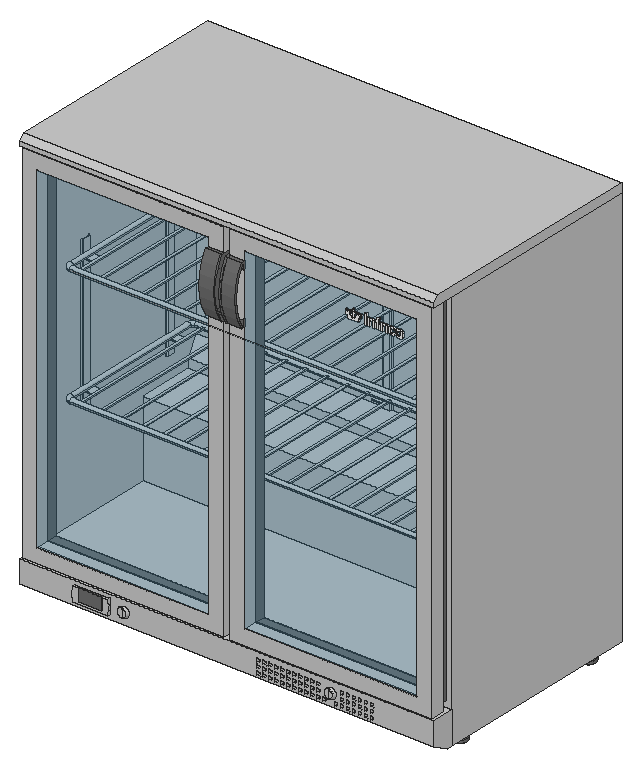
Revit family "QF_INFRICO_ERV25II_250806111005", category Specialty Equipment, Revit 2021
Family settings
  Round Connector Dimension = Use Diameter
  Part Type = Normal
  OmniClass Number = 23.40.40.14
  OmniClass Title = Food Service Equipment
  Work Plane-Based = No
  Always vertical = Yes
  Cut with Voids When Loaded = No
  Shared = No
  Room Calculation Point = No
Parameters (values of type "ERV25II")
  Weight [instance] = 83.00 kg
  Warranty Start Date [instance] = ""
  Warranty Duration [instance] = ""
  Volts [instance] = 230 V
  Volt Free Conn [instance] = no
  URL Recommended Spares List [instance] = ""
  URL Manufacturer [instance] = ""
  URL Cutsheet [instance] = ""
  URL Critical Spares List [instance] = ""
  URL = "www.infrico.com"
  Technical Documentation [instance] = ""
  Tag Number [instance] = ""
  Status [instance] = ""
  Start Up Current [instance] = 0 A
  Specification by User [instance] = ""
  Specification by Manufacturer [instance] = ""
  Sound Level [instance] = ""
  Show Logo [instance] = yes
  Show Clearances [instance] = yes
  Service Life Duration [instance] = ""
  Serial Number [instance] = ""
  Seismic Rating [instance] = ""
  SMACNA No [instance] = ""
  Revision Code [instance] = ""
  Revision [instance] = ""
  Production Year [instance] = ""
  Potential Equalisation [instance] = no
  Point Load [instance] = 0
  Phase [instance] = 1
  Other Equipment Approvals [instance] = ""
  Operational Current [instance] = 0 A
  Number of Poles [instance] = 2
  No Load Power Draw [instance] = no
  NAFEM Spec ID Number [instance] = ""
  Model Warning [instance] = ""
  Model = "ERV25II"
  Min Ckt Ampacity [instance] = 0 A
  Max Overcurrent Protection [instance] = 0 A
  Masterspec [instance] = ""
  Manufacturer = "INFRICO"
  Main switch integrated [instance] = no
  Length Actual [instance] = 900 mm
  Item Number [instance] = ""
  Installed By [instance] = ""
  Installation Date [instance] = ""
  Identify Quantity as Lot [instance] = no
  ID [instance] = ""
  Hygiene Approval [instance] = ""
  Height Actual [instance] = 920 mm
  HP power [instance] = ""
  Furnished By [instance] = ""
  Foodservice Equipment Identifier [instance] = no
  FL Amps [instance] = 0 A
  Electrical Remarks [instance] = ""
  Electric power [instance] = 260 W
  Electric Connection Type [instance] = ""
  Elec Conn RI Height [instance] = 0 mm
  Elec Conn Connection Height [instance] = 0 mm
  ETL Approved [instance] = no
  Description = "STAINLESS STEEL BACK-BAR 920 MM HEIGHT - TWO DOORS - R290"
  Depth Actual [instance] = 510 mm
  Default Elevation = 0 mm
  Cycle [instance] = 50 Hz
  Cost = 0
  Connection to energy optimisation system [instance] = yes
  Conn Plug [instance] = ""
  Conn Conduit [instance] = no
  Centralized building control system with digital interface [instance] = ""
  CSI MasterFormat [instance] = ""
  CE Approved [instance] = no
  Barcode [instance] = 0
  Author [instance] = ""
  Asset Identifier [instance] = ""
  Apparent Power [instance] = 260 VA
  Accessory [instance] = no
Reference planes
  plane 1 "Center (Front/Back)": y = 0
  plane 2: z = 0
  plane 3 "Center (Left/Right)": x = 0
Forms (mm)
  Extrusion 1, solid, not visible
    sketch origin (400.02, -4, 35.002) x (1, 0, 0) y (0, 1, 0)
      loop
        line (-2, 2) -> (-2, -2) -> (2, -2) -> (2, 2) -> (-2, 2)
    from -2 to 2
Dimensions and locks
  locked: Extrusion 1 to nested 2
  locked: nested 2 to Extrusion 1 at 2
  aligned and locked: level to plane 2
Nested families
  nested 1: "QF_INFRICO_ERV25II_2920" at (0, 0, 0), type "ERV25II"
    with Weight 83.00 kg, Warranty Start Date "", Warranty Duration "", URL Cutsheet "", Technical Documentation "", Tag Number "", Status "", Specification by User "", Specification by Manufacturer "", Sound Level "", Solid Fuel Type "", Show Logo yes, Show Clearances yes, Show Clearance yes, Service Life Duration "", Serial Number "", Seismic Rating "", SMACNA No "", Revision Code "", Revision "", Production Year "", Point Load 0, Other Equipment Approvals "", NAFEM Spec ID Number "", Model Warning "", Masterspec "", Length Actual 900 mm, Item Number "", Installed By "", Installation Date "", Identify Quantity as Lot yes, ID "", Hygiene Approval "", Height Actual 920 mm, Furnished By "", Foodservice Equipment Identifier yes, ETL Approved yes, Depth Actual 510 mm, CSI MasterFormat "", CE Approved no, Barcode "", Author "", Asset Identifier "", Accessory no
  nested 2: "CONN_POINT_ELE_2D___Generic_Annotation" at (400.02, -2, 35.002), type "CONN_POINT_ELE_2D___Generic_Annotation"
    with Onboard connection annotation symbol visibility yes
Connectors
  electrical at (400.02, -2, 35.002), driven by "Apparent Power", driven by "Number of Poles", driven by "Volts"
    settings: on Extrusion 1, index 1, voltage 230 V, apparent load 0 VA, apparent load phase1 260 VA, apparent load phase2 0 VA, apparent load phase3 0 VA, power factor 1, load classification "Other", number of poles 2, system type 31, power factor state 1, is connector primary yes, connector utility no, sub classification motor no, connector description "Electrical connection for ERV25II"
Definition of nested family "QF_INFRICO_ERV25II_2920"
  Parameters (values of type "ERV25II")
    Weight [instance] = 0.00 kg
    Warranty Start Date [instance] = ""
    Warranty Duration [instance] = ""
    URL Cutsheet [instance] = ""
    URL = "www.infrico.com"
    Technical Documentation [instance] = ""
    Tag Number [instance] = ""
    Status [instance] = ""
    Specification by User [instance] = ""
    Specification by Manufacturer [instance] = ""
    Sound Level [instance] = ""
    Solid Fuel Type [instance] = ""
    Show Logo [instance] = yes
    Show Clearances [instance] = yes
    Show Clearance [instance] = yes
    Service Life Duration [instance] = ""
    Serial Number [instance] = ""
    Seismic Rating [instance] = ""
    SMACNA No [instance] = ""
    Revision Code [instance] = ""
    Revision [instance] = ""
    Production Year [instance] = ""
    Point Load [instance] = 0
    Other Equipment Approvals [instance] = ""
    NAFEM Spec ID Number [instance] = ""
    Model Warning [instance] = ""
    Model = "ERV25II"
    Masterspec [instance] = ""
    Manufacturer = "INFRICO"
    Length Actual [instance] = 0 mm
    Item Number [instance] = ""
    Installed By [instance] = ""
    Installation Date [instance] = ""
    Identify Quantity as Lot [instance] = yes
    ID [instance] = ""
    Hygiene Approval [instance] = ""
    Height Actual [instance] = 0 mm
    Furnished By [instance] = ""
    Foodservice Equipment Identifier [instance] = yes
    ETL Approved [instance] = yes
    Description = "STAINLESS STEEL BACK-BAR 920 MM HEIGHT - TWO DOORS - R290"
    Depth Actual [instance] = 0 mm
    Default Elevation = 0 mm
    CSI MasterFormat [instance] = ""
    CE Approved [instance] = yes
    Barcode [instance] = ""
    Author [instance] = ""
    Asset Identifier [instance] = ""
    Assembly Code = "E1090320"
    Accessory [instance] = yes
  Reference planes
    plane 1 "Back": y = 0
    plane 2: z = 0
    plane 3 "Left": x = 0
    plane 4 "Right": x = 900
    plane 5 "Front": y = -510
    plane 6 "Top": z = 920
  Forms (mm)
    Extrusion 1, solid
      sketch origin (0, 0, -18) x (0, 1, 0) y (0, 0, 1)
        loop
          line (0, 905) -> (-460, 905) -> (-460, 30) -> (0, 30) -> (0, 905)
      from 0 to 30
    Extrusion 2, solid
      sketch origin (0, 0, -13) x (0, 1, 0) y (0, 0, 1)
        loop
          line (0, 900) -> (0, 920) -> (-500, 920) -> (-510, 910) -> (-510, 900) -> (0, 900)
      from 0 to 900
    Extrusion 3, solid
      sketch origin (870, 0, -18) x (0, 1, 0) y (0, 0, 1)
        loop
          line (0, 905) -> (-460, 905) -> (-460, 30) -> (0, 30) -> (0, 905)
      from 0 to 30
    Extrusion 4, solid
      sketch origin (0, 0, -13) x (1, 0, 0) y (0, 0, 1)
        loop
          line (30, 900) -> (30, 254) -> (870, 254) -> (870, 900) -> (30, 900)
      from 0 to 12
    Extrusion 5, solid
      sketch origin (0, 0, -13) x (1, 0, 0) y (0, 0, 1)
        loop
          line (30, 254) -> (30, 25) -> (870, 25) -> (870, 254) -> (30, 254)
      from 0 to 12
    Extrusion 6, solid
      sketch origin (0, 0, -13) x (0, 1, 0) y (0, 0, 1)
        loop
          line (-12, 25) -> (-12, 35) -> (-460, 35) -> (-460, 25) -> (-12, 25)
      from 30 to 870
    Extrusion 7, solid
      sketch origin (0, 0, -112) x (0, 1, 0) y (0, 0, 1)
        loop
          line (-460, 144) -> (-510, 144) -> (-473, 124) -> (-460, 124) -> (-460, 144)
      from 0 to 900
    Extrusion 8, solid
      sketch origin (-856, -515, -482) x (1, 0, 0) y (0, 0, -1)
        loop
          arc (974, -555) -> (1012.5, -557) -> (1051, -555) r 371.563
          arc (1051, -555) -> (1052, -539) -> (1051, -523) r 128.5
          arc (1051, -523) -> (1012.5, -521) -> (974, -523) r 371.563
          arc (974, -523) -> (973, -539) -> (974, -555) r 128.5
      from 0 to 5
    Extrusion 9, solid
      sketch origin (-856, -515.1, -482) x (1, 0, 0) y (0, 0, -1)
        loop
          line (1038, -528.124) -> (987, -528.124) -> (987, -556.124)
          arc (987, -556.124) -> (1012.5, -557) -> (1038, -556.124) r 371.563
          line (1038, -556.124) -> (1038, -528.124)
      from 0 to 2
    Extrusion 10, solid
      sketch origin (452, -480, -13) x (1, 0, 0) y (0, 0, 1)
        loop
          line (5, 897.5) -> (5, 97.5) -> (443, 97.5) -> (443, 897.5) -> (5, 897.5)
        loop
          line (411, 865.5) -> (37, 865.5) -> (37, 129.5) -> (411, 129.5) -> (411, 865.5)
      from 0 to 30
    Extrusion 11, solid
      sketch origin (-548, -460, -13) x (1, 0, 0) y (0, 0, 1)
        loop
          line (1015, 887.5) -> (1015, 107.5) -> (1433, 107.5) -> (1433, 887.5) -> (1015, 887.5)
        loop
          line (1037, 865.5) -> (1037, 129.5) -> (1411, 129.5) -> (1411, 865.5) -> (1037, 865.5)
      from 0 to 20
    Extrusion 12, solid, visible <- "Show Logo"
      sketch origin (-453.231, -510, 106.214) x (1, 0, 0) y (0, 0, 1)
        loop
          line (1208.799, 696.53) -> (1208.799, 719.204) -> (1204.173, 719.204) -> (1204.173, 696.53) -> (1208.799, 696.53)
        loop
          line (1214.779, 713.006) -> (1211.283, 713.006) -> (1211.283, 696.53) -> (1215.772, 696.53) -> (1215.772, 707.832)
          arc (1215.772, 707.832) -> (1217.528, 708.741) -> (1219.417, 709.324) r 11.052
          arc (1219.417, 709.324) -> (1220.929, 708.961) -> (1221.598, 707.557) r 1.806
          line (1221.598, 707.557) -> (1221.598, 696.53) -> (1226.121, 696.53) -> (1226.121, 708.689)
          arc (1226.121, 708.689) -> (1224.637, 712.075) -> (1221.141, 713.281) r 4.607
          arc (1221.141, 713.281) -> (1218.282, 712.674) -> (1215.669, 711.361) r 11.435
          line (1215.669, 711.361) -> (1215.601, 712.184)
          arc (1215.601, 712.184) -> (1215.36, 712.765) -> (1214.779, 713.006) r 0.822
        loop
          line (1238.557, 720.102) -> (1237.306, 720.102)
          arc (1237.306, 720.102) -> (1235.052, 719.926) -> (1232.881, 719.297) r 11.103
          arc (1232.881, 719.297) -> (1230.805, 717.616) -> (1230.024, 715.062) r 4.567
          line (1230.024, 715.062) -> (1230.024, 712.909) -> (1227.351, 712.703) -> (1227.351, 709.374) -> (1230.024, 709.374) -> (1230.024, 696.53) -> (1234.547, 696.53) -> (1234.547, 709.374) -> (1238.249, 709.374) -> (1238.249, 712.938) -> (1234.547, 712.938) -> (1234.547, 714.548)
          arc (1234.547, 714.548) -> (1234.956, 715.705) -> (1236.045, 716.271) r 1.67
          line (1236.045, 716.271) -> (1237.7, 716.399)
          arc (1237.7, 716.399) -> (1238.306, 716.65) -> (1238.557, 717.255) r 0.857
          line (1238.557, 717.255) -> (1238.557, 720.102)
        loop
          line (1239.479, 713.006) -> (1239.479, 696.53) -> (1243.968, 696.53) -> (1243.968, 707.352)
          arc (1243.968, 707.352) -> (1245.873, 708.631) -> (1248.077, 709.268) r 7.435
          line (1248.077, 709.268) -> (1249.241, 709.416)
          arc (1249.241, 709.416) -> (1249.643, 709.758) -> (1249.793, 710.265) r 0.928
          line (1249.793, 710.265) -> (1249.793, 712.458)
          arc (1249.793, 712.458) -> (1249.531, 713.061) -> (1248.912, 713.28) r 0.824
          arc (1248.912, 713.28) -> (1246.197, 712.588) -> (1243.899, 710.984) r 7.833
          line (1243.899, 710.984) -> (1243.726, 713.006) -> (1239.479, 713.006)
        loop
          line (1255.495, 696.53) -> (1255.495, 713.006) -> (1251.006, 713.006) -> (1251.006, 696.53) -> (1255.495, 696.53)
        loop
          arc (1257.421, 701.327) -> (1258.567, 698.188) -> (1261.466, 696.525) r 4.873
          arc (1261.466, 696.525) -> (1264.493, 696.266) -> (1267.521, 696.525) r 17.816
          arc (1267.521, 696.525) -> (1270.575, 699.134) -> (1271.505, 703.041) r 6.481
          line (1271.505, 703.041) -> (1267.187, 703.041) -> (1267.187, 701.67)
          arc (1267.187, 701.67) -> (1266.64, 700.452) -> (1265.442, 699.865) r 1.965
          arc (1265.442, 699.865) -> (1264.547, 699.816) -> (1263.653, 699.865) r 8.196
          arc (1263.653, 699.865) -> (1262.417, 700.415) -> (1261.91, 701.67) r 1.806
          line (1261.91, 701.67) -> (1261.91, 707.9)
          arc (1261.91, 707.9) -> (1262.417, 709.155) -> (1263.653, 709.705) r 1.806
          arc (1263.653, 709.705) -> (1264.547, 709.754) -> (1265.442, 709.705) r 8.196
          arc (1265.442, 709.705) -> (1266.64, 709.118) -> (1267.187, 707.9) r 1.965
          line (1267.187, 707.9) -> (1267.187, 706.838) -> (1271.505, 706.838)
          arc (1271.505, 706.838) -> (1270.524, 710.556) -> (1267.521, 712.959) r 6.132
          arc (1267.521, 712.959) -> (1264.493, 713.294) -> (1261.466, 712.959) r 13.851
          arc (1261.466, 712.959) -> (1258.571, 711.349) -> (1257.421, 708.243) r 4.772
          line (1257.421, 708.243) -> (1257.421, 701.327)
        loop
          arc (1272.916, 701.329) -> (1273.993, 698.345) -> (1276.726, 696.734) r 4.676
          arc (1276.726, 696.734) -> (1278.515, 696.455) -> (1280.318, 696.291) r 28.371
          arc (1280.318, 696.291) -> (1282.122, 696.455) -> (1283.911, 696.734) r 28.371
          arc (1283.911, 696.734) -> (1286.644, 698.345) -> (1287.72, 701.329) r 4.676
          line (1287.72, 701.329) -> (1287.72, 708.242)
          arc (1287.72, 708.242) -> (1286.644, 711.226) -> (1283.911, 712.837) r 4.676
          arc (1283.911, 712.837) -> (1282.122, 713.116) -> (1280.318, 713.28) r 28.371
          arc (1280.318, 713.28) -> (1278.515, 713.116) -> (1276.726, 712.837) r 28.371
          arc (1276.726, 712.837) -> (1273.993, 711.226) -> (1272.916, 708.242) r 4.676
          line (1272.916, 708.242) -> (1272.916, 701.329)
        loop
          line (1277.405, 707.866) -> (1277.405, 701.705)
          arc (1277.405, 701.705) -> (1277.844, 700.556) -> (1278.936, 699.991) r 1.725
          arc (1278.936, 699.991) -> (1279.627, 699.918) -> (1280.318, 699.856) r 46.133
          arc (1280.318, 699.856) -> (1281.01, 699.918) -> (1281.701, 699.991) r 46.133
          arc (1281.701, 699.991) -> (1282.793, 700.556) -> (1283.231, 701.705) r 1.725
          line (1283.231, 701.705) -> (1283.231, 707.866)
          arc (1283.231, 707.866) -> (1282.793, 709.015) -> (1281.701, 709.58) r 1.725
          arc (1281.701, 709.58) -> (1281.01, 709.653) -> (1280.318, 709.716) r 46.133
          arc (1280.318, 709.716) -> (1279.627, 709.653) -> (1278.936, 709.58) r 46.133
          arc (1278.936, 709.58) -> (1277.844, 709.015) -> (1277.405, 707.866) r 1.725
        loop
          arc (1190.339, 696.543) -> (1191.411, 696.987) -> (1191.856, 698.059) r 1.516
          line (1191.856, 698.059) -> (1191.856, 703.891) -> (1196.035, 703.891)
          arc (1196.035, 703.891) -> (1196.79, 704.121) -> (1197.218, 704.782) r 1.147
          line (1197.218, 704.782) -> (1197.218, 706.211)
          arc (1197.218, 706.211) -> (1196.787, 707.258) -> (1195.719, 707.634) r 1.385
          line (1195.719, 707.634) -> (1194.52, 707.634) -> (1197.218, 710.332)
          arc (1197.218, 710.332) -> (1197.605, 711.266) -> (1197.218, 712.2) r 1.321
          line (1197.218, 712.2) -> (1196.495, 712.923)
          arc (1196.495, 712.923) -> (1195.54, 713.338) -> (1194.558, 712.991) r 1.422
          line (1194.558, 712.991) -> (1191.853, 710.286) -> (1191.853, 711.479)
          arc (1191.853, 711.479) -> (1191.443, 712.516) -> (1190.435, 712.992) r 1.516
          line (1190.435, 712.992) -> (1189.514, 712.992)
          arc (1189.514, 712.992) -> (1188.511, 712.514) -> (1188.103, 711.479) r 1.516
          line (1188.103, 711.479) -> (1188.103, 706.83) -> (1182.073, 701.336) -> (1182.073, 707.509) -> (1185.639, 711.075)
          arc (1185.639, 711.075) -> (1186.053, 712.073) -> (1185.639, 713.071) r 1.412
          line (1185.639, 713.071) -> (1184.987, 713.723)
          arc (1184.987, 713.723) -> (1183.939, 714.141) -> (1182.915, 713.667) r 1.428
          line (1182.915, 713.667) -> (1182.073, 712.825) -> (1182.073, 717.784)
          arc (1182.073, 717.784) -> (1181.658, 718.787) -> (1180.655, 719.203) r 1.418
          line (1180.655, 719.203) -> (1179.726, 719.203)
          arc (1179.726, 719.203) -> (1178.723, 718.787) -> (1178.308, 717.784) r 1.418
          line (1178.308, 717.784) -> (1178.308, 712.825) -> (1177.466, 713.667)
          arc (1177.466, 713.667) -> (1176.442, 714.141) -> (1175.394, 713.723) r 1.428
          line (1175.394, 713.723) -> (1174.742, 713.071)
          arc (1174.742, 713.071) -> (1174.328, 712.073) -> (1174.742, 711.075) r 1.412
          line (1174.742, 711.075) -> (1178.308, 707.509) -> (1178.308, 701.336) -> (1172.278, 706.83) -> (1172.278, 711.479)
          arc (1172.278, 711.479) -> (1171.87, 712.514) -> (1170.867, 712.992) r 1.516
          line (1170.867, 712.992) -> (1169.946, 712.992)
          arc (1169.946, 712.992) -> (1168.938, 712.516) -> (1168.528, 711.479) r 1.516
          line (1168.528, 711.479) -> (1168.528, 710.286) -> (1165.823, 712.991)
          arc (1165.823, 712.991) -> (1164.841, 713.338) -> (1163.886, 712.923) r 1.422
          line (1163.886, 712.923) -> (1163.163, 712.2)
          arc (1163.163, 712.2) -> (1162.776, 711.266) -> (1163.163, 710.332) r 1.321
          line (1163.163, 710.332) -> (1165.861, 707.634) -> (1164.662, 707.634)
          arc (1164.662, 707.634) -> (1163.594, 707.258) -> (1163.163, 706.211) r 1.385
          line (1163.163, 706.211) -> (1163.163, 704.782)
          arc (1163.163, 704.782) -> (1163.591, 704.121) -> (1164.346, 703.891) r 1.147
          line (1164.346, 703.891) -> (1168.525, 703.891) -> (1168.525, 698.059)
          arc (1168.525, 698.059) -> (1168.969, 696.987) -> (1170.042, 696.543) r 1.516
          line (1170.042, 696.543) -> (1190.339, 696.543)
      from 0 to 2
    Extrusion 13, solid
      sketch origin (-548, -510, -63) x (1, 0, 0) y (0, 0, 1)
        loop
          line (1005, 897.5) -> (1005, 895.5) -> (1037, 880.5) -> (1037, 897.5) -> (1005, 897.5)
      from 0 to 3
    Extrusion 14, solid
      sketch origin (-548, -510, 1602) x (1, 0, 0) y (0, 0, 1)
        loop
          line (1005, -897.5) -> (1037, -897.5) -> (1037, -880.5) -> (1005, -895.5) -> (1005, -897.5)
      from 0 to 3
    Extrusion 15, solid
      sketch origin (-548, 0, -13) x (0, 1, 0) y (0, 0, 1)
        loop
          line (-513, 845.5) -> (-513, 847.5) -> (-518.104, 847.5)
          arc (-518.104, 847.5) -> (-537.038, 782.5) -> (-518.104, 717.5) r 121.038
          line (-518.104, 717.5) -> (-513, 717.5) -> (-513, 719.5) -> (-517, 719.5)
          arc (-517, 719.5) -> (-535.038, 782.5) -> (-517, 845.5) r 119.038
          line (-517, 845.5) -> (-513, 845.5)
      from 1005 to 1037
    Extrusion 16, solid
      sketch origin (-548, 0, 584.5) x (1, 0, 0) y (0, 1, 0)
        loop
          line (1005, -513) -> (1005, -487) -> (1002, -490) -> (1002, -513) -> (1005, -513)
      from 120 to 250
    Extrusion 17, solid
      sketch origin (-548, 0, -13) x (0, 1, 0) y (0, 0, 1)
        loop
          line (-513, 847.5) -> (-518.104, 847.5)
          arc (-518.104, 847.5) -> (-537.038, 782.5) -> (-518.104, 717.5) r 121.038
          line (-518.104, 717.5) -> (-513, 717.5) -> (-513, 847.5)
      from 1002 to 1005
    Revolve 18, solid
      sketch origin (15, -70, 0) x (0, 1, 0) y (0, 0, 1)
        loop
          line (0, 0) -> (0, 12) -> (-5, 12) -> (-5, 9.5) -> (-13, 9.5)
          arc (-13, 9.5) -> (-14.414, 8.914) -> (-15, 7.5) r 2
          line (-15, 7.5) -> (-15, 2.5) -> (-12, 2.5) -> (-12, 0) -> (0, 0)
        axis (0, 0) -> (0, 12)
      angle from 0 to 360
    Revolve 19, solid
      sketch origin (15, -420, 0) x (0, 1, 0) y (0, 0, 1)
        loop
          line (0, 0) -> (0, 12) -> (-5, 12) -> (-5, 9.5) -> (-13, 9.5)
          arc (-13, 9.5) -> (-14.414, 8.914) -> (-15, 7.5) r 2
          line (-15, 7.5) -> (-15, 2.5) -> (-12, 2.5) -> (-12, 0) -> (0, 0)
        axis (0, 0) -> (0, 12)
      angle from 0 to 360
    Revolve 20, solid
      sketch origin (885, -70, 0) x (0, 1, 0) y (0, 0, 1)
        loop
          line (0, 0) -> (0, 12) -> (-5, 12) -> (-5, 9.5) -> (-13, 9.5)
          arc (-13, 9.5) -> (-14.414, 8.914) -> (-15, 7.5) r 2
          line (-15, 7.5) -> (-15, 2.5) -> (-12, 2.5) -> (-12, 0) -> (0, 0)
        axis (0, 0) -> (0, 12)
      angle from 0 to 360
    Revolve 21, solid
      sketch origin (885, -420, 0) x (0, 1, 0) y (0, 0, 1)
        loop
          line (0, 0) -> (0, 12) -> (-5, 12) -> (-5, 9.5) -> (-13, 9.5)
          arc (-13, 9.5) -> (-14.414, 8.914) -> (-15, 7.5) r 2
          line (-15, 7.5) -> (-15, 2.5) -> (-12, 2.5) -> (-12, 0) -> (0, 0)
        axis (0, 0) -> (0, 12)
      angle from 0 to 360
    Revolve 22, solid
      sketch origin (225, 0, 13.5) x (0, 1, 0) y (0, 0, 1)
        loop
          line (-515, 34.5) -> (-510, 32) -> (-510, 43.5) -> (-515, 43.5) -> (-515, 34.5)
        axis (-510, 43.5) -> (-515, 43.5)
      angle from 0 to 360
    Extrusion 23, solid
      sketch origin (0, 0, -815) x (0, 1, 0) y (0, 0, 1)
        loop
          line (-458, 931.5) -> (-458, 919.5) -> (-204, 919.5) -> (-204, 1084.5) -> (-81, 1084.5) -> (-81, 1113.667) -> (-61, 1153.667) -> (-61, 1494.333) -> (-81, 1534.333) -> (-81, 1693.5) -> (-458, 1693.5) -> (-458, 1681.5) -> (-93, 1681.5) -> (-93, 1531.5) -> (-73, 1491.5) -> (-73, 1156.5) -> (-93, 1116.5) -> (-93, 1096.5) -> (-216, 1096.5) -> (-216, 931.5) -> (-458, 931.5)
      from 30 to 870
    Extrusion 24, solid, visible <- "Show Clearance", detail levels coarse
      sketch origin (900, 0, 0) x (-1, 0, 0) y (0, -1, 0)
        loop
          line (5, 510) -> (443, 510)
          arc (443, 510) -> (323.5, 798.5) -> (35, 918) r 408
          line (35, 918) -> (5, 918) -> (5, 510)
      from 84.5 to 884.5
    Extrusion 25, solid
      sketch origin (-548, -508, 0) x (1, 0, 0) y (0, 0, 1)
        loop
          line (1037, 852.5) -> (1037, 116.5) -> (1411, 116.5) -> (1411, 852.5) -> (1037, 852.5)
      from 0 to 2
    Extrusion 26, solid
      sketch origin (-925.627, -156, 332.5) x (1, 0, 0) y (0, 1, 0)
        loop
          line (957.627, 0) -> (958.627, 0) -> (958.627, 1) -> (962.627, 3) -> (962.627, 18) -> (958.627, 20) -> (958.627, 21) -> (957.627, 21) -> (957.627, 19.382) -> (961.627, 17.382) -> (961.627, 3.618) -> (957.627, 1.618) -> (957.627, 0)
      from 0 to 330
    Extrusion 27, solid
      sketch origin (-829.627, -156, 625.5) x (1, 0, 0) y (0, 1, 0)
        loop
          line (862.627, 21) -> (862.627, 20) -> (866.627, 18) -> (866.627, 3) -> (862.627, 1) -> (862.627, 0) -> (892.627, 0) -> (892.627, 21) -> (862.627, 21)
      from 0 to 2
    Extrusion 28, solid
      sketch origin (-829.627, -156, 367.5) x (1, 0, 0) y (0, 1, 0)
        loop
          line (862.627, 21) -> (862.627, 20) -> (866.627, 18) -> (866.627, 3) -> (862.627, 1) -> (862.627, 0) -> (892.627, 0) -> (892.627, 21) -> (862.627, 21)
      from 0 to 2
    Extrusion 29, solid
      sketch origin (-925.627, -386, 332.5) x (1, 0, 0) y (0, 1, 0)
        loop
          line (957.627, 0) -> (958.627, 0) -> (958.627, 1) -> (962.627, 3) -> (962.627, 18) -> (958.627, 20) -> (958.627, 21) -> (957.627, 21) -> (957.627, 19.382) -> (961.627, 17.382) -> (961.627, 3.618) -> (957.627, 1.618) -> (957.627, 0)
      from 0 to 330
    Extrusion 30, solid
      sketch origin (-829.627, -386, 625.5) x (1, 0, 0) y (0, 1, 0)
        loop
          line (862.627, 21) -> (862.627, 20) -> (866.627, 18) -> (866.627, 3) -> (862.627, 1) -> (862.627, 0) -> (892.627, 0) -> (892.627, 21) -> (862.627, 21)
      from 0 to 2
    Extrusion 31, solid
      sketch origin (-829.627, -386, 367.5) x (1, 0, 0) y (0, 1, 0)
        loop
          line (862.627, 21) -> (862.627, 20) -> (866.627, 18) -> (866.627, 3) -> (862.627, 1) -> (862.627, 0) -> (892.627, 0) -> (892.627, 21) -> (862.627, 21)
      from 0 to 2
    Extrusion 32, solid
      sketch origin (1825.627, -156, 332.5) x (-1, 0, 0) y (0, -1, 0)
        loop
          line (957.627, 0) -> (957.627, -1.618) -> (961.627, -3.618) -> (961.627, -17.382) -> (957.627, -19.382) -> (957.627, -21) -> (958.627, -21) -> (958.627, -20) -> (962.627, -18) -> (962.627, -3) -> (958.627, -1) -> (958.627, 0) -> (957.627, 0)
      from 0 to 330
    Extrusion 33, solid
      sketch origin (1729.627, -156, 625.5) x (-1, 0, 0) y (0, -1, 0)
        loop
          line (862.627, -21) -> (892.627, -21) -> (892.627, 0) -> (862.627, 0) -> (862.627, -1) -> (866.627, -3) -> (866.627, -18) -> (862.627, -20) -> (862.627, -21)
      from 0 to 2
    Extrusion 34, solid
      sketch origin (1729.627, -156, 367.5) x (-1, 0, 0) y (0, -1, 0)
        loop
          line (862.627, -21) -> (892.627, -21) -> (892.627, 0) -> (862.627, 0) -> (862.627, -1) -> (866.627, -3) -> (866.627, -18) -> (862.627, -20) -> (862.627, -21)
      from 0 to 2
    Extrusion 35, solid
      sketch origin (1825.627, -386, 332.5) x (-1, 0, 0) y (0, -1, 0)
        loop
          line (957.627, 0) -> (957.627, -1.618) -> (961.627, -3.618) -> (961.627, -17.382) -> (957.627, -19.382) -> (957.627, -21) -> (958.627, -21) -> (958.627, -20) -> (962.627, -18) -> (962.627, -3) -> (958.627, -1) -> (958.627, 0) -> (957.627, 0)
      from 0 to 330
    Extrusion 36, solid
      sketch origin (1729.627, -386, 625.5) x (-1, 0, 0) y (0, -1, 0)
        loop
          line (862.627, -21) -> (892.627, -21) -> (892.627, 0) -> (862.627, 0) -> (862.627, -1) -> (866.627, -3) -> (866.627, -18) -> (862.627, -20) -> (862.627, -21)
      from 0 to 2
    Extrusion 37, solid
      sketch origin (1729.627, -386, 367.5) x (-1, 0, 0) y (0, -1, 0)
        loop
          line (862.627, -21) -> (892.627, -21) -> (892.627, 0) -> (862.627, 0) -> (862.627, -1) -> (866.627, -3) -> (866.627, -18) -> (862.627, -20) -> (862.627, -21)
      from 0 to 2
    Extrusion 38, solid
      sketch origin (0, -458, 0) x (1, 0, 0) y (0, 0, 1)
        loop
          line (413, 887) -> (413, 82) -> (487, 82) -> (487, 887) -> (413, 887)
      from 0 to 2
    Extrusion 39, solid
      sketch origin (448, -480, -13) x (-1, 0, 0) y (0, 0, -1)
        loop
          line (5, -897.5) -> (443, -897.5) -> (443, -97.5) -> (5, -97.5) -> (5, -897.5)
        loop
          line (411, -865.5) -> (411, -129.5) -> (37, -129.5) -> (37, -865.5) -> (411, -865.5)
      from 0 to 30
    Extrusion 40, solid
      sketch origin (1448, -460, -13) x (-1, 0, 0) y (0, 0, -1)
        loop
          line (1015, -887.5) -> (1433, -887.5) -> (1433, -107.5) -> (1015, -107.5) -> (1015, -887.5)
        loop
          line (1037, -865.5) -> (1411, -865.5) -> (1411, -129.5) -> (1037, -129.5) -> (1037, -865.5)
      from 0 to 20
    Extrusion 41, solid
      sketch origin (1448, -510, -63) x (-1, 0, 0) y (0, 0, -1)
        loop
          line (1005, -897.5) -> (1037, -897.5) -> (1037, -880.5) -> (1005, -895.5) -> (1005, -897.5)
      from 0 to 3
    Extrusion 42, solid
      sketch origin (1448, -510, 1602) x (-1, 0, 0) y (0, 0, -1)
        loop
          line (1005, 897.5) -> (1005, 895.5) -> (1037, 880.5) -> (1037, 897.5) -> (1005, 897.5)
      from 0 to 3
    Extrusion 43, solid
      sketch origin (1448, 0, -13) x (0, 1, 0) y (0, 0, -1)
        loop
          line (-513, -845.5) -> (-517, -845.5)
          arc (-517, -845.5) -> (-535.038, -782.5) -> (-517, -719.5) r 119.038
          line (-517, -719.5) -> (-513, -719.5) -> (-513, -717.5) -> (-518.104, -717.5)
          arc (-518.104, -717.5) -> (-537.038, -782.5) -> (-518.104, -847.5) r 121.038
          line (-518.104, -847.5) -> (-513, -847.5) -> (-513, -845.5)
      from 1005 to 1037
    Extrusion 44, solid
      sketch origin (1448, 0, 584.5) x (-1, 0, 0) y (0, -1, 0)
        loop
          line (1005, 513) -> (1002, 513) -> (1002, 490) -> (1005, 487) -> (1005, 513)
      from 120 to 250
    Extrusion 45, solid
      sketch origin (1448, 0, -13) x (0, 1, 0) y (0, 0, -1)
        loop
          line (-513, -847.5) -> (-513, -717.5) -> (-518.104, -717.5)
          arc (-518.104, -717.5) -> (-537.038, -782.5) -> (-518.104, -847.5) r 121.038
          line (-518.104, -847.5) -> (-513, -847.5)
      from 1002 to 1005
    Extrusion 46, solid, visible <- "Show Clearance", detail levels coarse
      sketch origin (0, 0, 0) x (1, 0, 0) y (0, 1, 0)
        loop
          line (5, -510) -> (5, -918) -> (35, -918)
          arc (35, -918) -> (323.5, -798.5) -> (443, -510) r 408
          line (443, -510) -> (5, -510)
      from 84.5 to 884.5
    Extrusion 47, solid
      sketch origin (1448, -508, 0) x (-1, 0, 0) y (0, 0, -1)
        loop
          line (1037, -852.5) -> (1411, -852.5) -> (1411, -116.5) -> (1037, -116.5) -> (1037, -852.5)
      from 0 to 2
    Extrusion 48, solid
      sketch origin (460.5, -1415.627, 332.5) x (0, 1, 0) y (-1, 0, 0)
        loop
          line (957.627, 0) -> (958.627, 0) -> (958.627, 1) -> (962.627, 3) -> (962.627, 18) -> (958.627, 20) -> (958.627, 21) -> (957.627, 21) -> (957.627, 19.382) -> (961.627, 17.382) -> (961.627, 3.618) -> (957.627, 1.618) -> (957.627, 0)
      from 0 to 330
    Extrusion 49, solid
      sketch origin (460.5, -1319.627, 625.5) x (0, 1, 0) y (-1, 0, 0)
        loop
          line (862.627, 21) -> (862.627, 20) -> (866.627, 18) -> (866.627, 3) -> (862.627, 1) -> (862.627, 0) -> (892.627, 0) -> (892.627, 21) -> (862.627, 21)
      from 0 to 2
    Extrusion 50, solid
      sketch origin (460.5, -1319.627, 367.5) x (0, 1, 0) y (-1, 0, 0)
        loop
          line (862.627, 21) -> (862.627, 20) -> (866.627, 18) -> (866.627, 3) -> (862.627, 1) -> (862.627, 0) -> (892.627, 0) -> (892.627, 21) -> (862.627, 21)
      from 0 to 2
    Extrusion 51, solid
      sketch origin (460.5, 884.627, 332.5) x (0, -1, 0) y (1, 0, 0)
        loop
          line (957.627, 0) -> (957.627, -1.618) -> (961.627, -3.618) -> (961.627, -17.382) -> (957.627, -19.382) -> (957.627, -21) -> (958.627, -21) -> (958.627, -20) -> (962.627, -18) -> (962.627, -3) -> (958.627, -1) -> (958.627, 0) -> (957.627, 0)
      from 9 to 330
    Extrusion 52, solid
      sketch origin (460.5, 788.627, 625.5) x (0, -1, 0) y (1, 0, 0)
        loop
          line (862.627, -21) -> (892.627, -21) -> (892.627, 0) -> (862.627, 0) -> (862.627, -1) -> (866.627, -3) -> (866.627, -18) -> (862.627, -20) -> (862.627, -21)
      from 0 to 2
    Extrusion 53, solid
      sketch origin (460.5, 788.627, 367.5) x (0, -1, 0) y (1, 0, 0)
        loop
          line (862.627, -21) -> (892.627, -21) -> (892.627, 0) -> (862.627, 0) -> (862.627, -1) -> (866.627, -3) -> (866.627, -18) -> (862.627, -20) -> (862.627, -21)
      from 0 to 2
    Revolve 54, solid
      sketch origin (675, 0, 13.5) x (0, 1, 0) y (0, 0, -1)
        loop
          line (-515, -34.5) -> (-515, -43.5) -> (-510, -43.5) -> (-510, -32) -> (-515, -34.5)
        axis (-510, -43.5) -> (-515, -43.5)
      angle from 0 to 360
    Extrusion 55, solid
      sketch origin (0, 0, 0) x (0, 1, 0) y (0, 0, 1)
        loop
          line (-458, 878.5) -> (-458, 887) -> (-460, 887) -> (-460, 878.5) -> (-458, 878.5)
      from 30 to 413
    Extrusion 56, solid
      sketch origin (0, 0, -796.5) x (0, 1, 0) y (0, 0, 1)
        loop
          line (-458, 878.5) -> (-458, 901) -> (-460, 901) -> (-460, 878.5) -> (-458, 878.5)
      from 30 to 413
    Extrusion 57, solid
      sketch origin (457, 0, -796.5) x (0, 1, 0) y (0, 0, 1)
        loop
          line (-458, 878.5) -> (-458, 901) -> (-460, 901) -> (-460, 878.5) -> (-458, 878.5)
      from 30 to 413
    Extrusion 58, solid
      sketch origin (457, 0, 0) x (0, 1, 0) y (0, 0, 1)
        loop
          line (-458, 878.5) -> (-458, 887) -> (-460, 887) -> (-460, 878.5) -> (-458, 878.5)
      from 30 to 413
    Extrusion 59, solid
      sketch origin (0, 1000, 0) x (0, 1, 0) y (0, 0, 1)
        loop
          line (-1073, 676.5) -> (-1093, 716.5) -> (-1093, 866.5) -> (-1460, 866.5) -> (-1460, 116.5) -> (-1216, 116.5) -> (-1216, 281.5) -> (-1093, 281.5) -> (-1093, 301.5) -> (-1073, 341.5) -> (-1073, 676.5)
      from 30 to 32
    Extrusion 60, solid
      sketch origin (838, 1000, 0) x (0, 1, 0) y (0, 0, 1)
        loop
          line (-1073, 676.5) -> (-1093, 716.5) -> (-1093, 866.5) -> (-1460, 866.5) -> (-1460, 116.5) -> (-1216, 116.5) -> (-1216, 281.5) -> (-1093, 281.5) -> (-1093, 301.5) -> (-1073, 341.5) -> (-1073, 676.5)
      from 30 to 32
    Sweep 61, solid
      path origin (-1000, 0, 632.5) x (1, 0, 0) y (0, 1, 0)
        loop
          arc (1052, -95) -> (1044.929, -97.929) -> (1042, -105) r 10
          line (1042, -105) -> (1042, -425)
          arc (1042, -425) -> (1044.929, -432.071) -> (1052, -435) r 10
          line (1052, -435) -> (1848, -435)
          arc (1848, -435) -> (1855.071, -432.071) -> (1858, -425) r 10
          line (1858, -425) -> (1858, -105)
          arc (1858, -105) -> (1855.071, -97.929) -> (1848, -95) r 10
          line (1848, -95) -> (1052, -95)
      profile origin (450, -95, 632.5) x (0, 1, 0) y (0, 0, 1)
        loop
          circle (0, 0) r 5
    Extrusion 62, solid
      sketch origin (-1000, 5, -800.5) x (1, 0, 0) y (0, 0, 1)
        loop
          circle (1337.5, 1433) r 2.5
        loop
          circle (1382.5, 1433) r 2.5
        loop
          circle (1427.5, 1433) r 2.5
        loop
          circle (1472.5, 1433) r 2.5
        loop
          circle (1517.5, 1433) r 2.5
        loop
          circle (1067.5, 1433) r 2.5
        loop
          circle (1112.5, 1433) r 2.5
        loop
          circle (1157.5, 1433) r 2.5
        loop
          circle (1202.5, 1433) r 2.5
        loop
          circle (1247.5, 1433) r 2.5
        loop
          circle (1292.5, 1433) r 2.5
        loop
          circle (1562.5, 1433) r 2.5
        loop
          circle (1607.5, 1433) r 2.5
        loop
          circle (1652.5, 1433) r 2.5
        loop
          circle (1697.5, 1433) r 2.5
        loop
          circle (1742.5, 1433) r 2.5
        loop
          circle (1787.5, 1433) r 2.5
        loop
          circle (1832.5, 1433) r 2.5
      from 100 to 440
    Sweep 63, solid
      path origin (-1000, 0, 374.5) x (1, 0, 0) y (0, 1, 0)
        loop
          arc (1052, -95) -> (1044.929, -97.929) -> (1042, -105) r 10
          line (1042, -105) -> (1042, -425)
          arc (1042, -425) -> (1044.929, -432.071) -> (1052, -435) r 10
          line (1052, -435) -> (1848, -435)
          arc (1848, -435) -> (1855.071, -432.071) -> (1858, -425) r 10
          line (1858, -425) -> (1858, -105)
          arc (1858, -105) -> (1855.071, -97.929) -> (1848, -95) r 10
          line (1848, -95) -> (1052, -95)
      profile origin (450, -95, 374.5) x (0, 1, 0) y (0, 0, 1)
        loop
          circle (0, 0) r 5
    Extrusion 64, solid
      sketch origin (-1000, 5, -1058.5) x (1, 0, 0) y (0, 0, 1)
        loop
          circle (1337.5, 1433) r 2.5
        loop
          circle (1382.5, 1433) r 2.5
        loop
          circle (1427.5, 1433) r 2.5
        loop
          circle (1472.5, 1433) r 2.5
        loop
          circle (1517.5, 1433) r 2.5
        loop
          circle (1067.5, 1433) r 2.5
        loop
          circle (1112.5, 1433) r 2.5
        loop
          circle (1157.5, 1433) r 2.5
        loop
          circle (1202.5, 1433) r 2.5
        loop
          circle (1247.5, 1433) r 2.5
        loop
          circle (1292.5, 1433) r 2.5
        loop
          circle (1607.5, 1433) r 2.5
        loop
          circle (1652.5, 1433) r 2.5
        loop
          circle (1697.5, 1433) r 2.5
        loop
          circle (1742.5, 1433) r 2.5
        loop
          circle (1787.5, 1433) r 2.5
        loop
          circle (1562.5, 1433) r 2.5
        loop
          circle (1832.5, 1433) r 2.5
      from 100 to 440
    Extrusion 65, solid
      sketch origin (-1000, 0, 0) x (1, 0, 0) y (0, 0, 1)
        loop
          line (1000, 82) -> (1000, 32) -> (1900, 32) -> (1900, 82) -> (1000, 82)
        loop
          line (1515, 70) -> (1515, 62) -> (1523, 62) -> (1523, 70) -> (1515, 70)
        loop
          line (1528, 70) -> (1528, 62) -> (1536, 62) -> (1536, 70) -> (1528, 70)
        loop
          line (1541, 70) -> (1541, 62) -> (1549, 62) -> (1549, 70) -> (1541, 70)
        loop
          line (1554, 70) -> (1554, 62) -> (1562, 62) -> (1562, 70) -> (1554, 70)
        loop
          line (1567, 70) -> (1567, 62) -> (1575, 62) -> (1575, 70) -> (1567, 70)
        loop
          line (1580, 70) -> (1580, 62) -> (1588, 62) -> (1588, 70) -> (1580, 70)
        loop
          line (1593, 70) -> (1593, 62) -> (1601, 62) -> (1601, 70) -> (1593, 70)
        loop
          line (1606, 70) -> (1606, 62) -> (1614, 62) -> (1614, 70) -> (1606, 70)
        loop
          line (1619, 70) -> (1619, 62) -> (1627, 62) -> (1627, 70) -> (1619, 70)
        loop
          line (1632, 70) -> (1632, 62) -> (1640, 62) -> (1640, 70) -> (1632, 70)
        loop
          line (1645, 70) -> (1645, 62) -> (1653, 62) -> (1653, 70) -> (1645, 70)
        loop
          line (1515, 57) -> (1515, 49) -> (1523, 49) -> (1523, 57) -> (1515, 57)
        loop
          line (1528, 57) -> (1528, 49) -> (1536, 49) -> (1536, 57) -> (1528, 57)
        loop
          line (1541, 57) -> (1541, 49) -> (1549, 49) -> (1549, 57) -> (1541, 57)
        loop
          line (1554, 57) -> (1554, 49) -> (1562, 49) -> (1562, 57) -> (1554, 57)
        loop
          line (1567, 57) -> (1567, 49) -> (1575, 49) -> (1575, 57) -> (1567, 57)
        loop
          line (1580, 57) -> (1580, 49) -> (1588, 49) -> (1588, 57) -> (1580, 57)
        loop
          line (1593, 57) -> (1593, 49) -> (1601, 49) -> (1601, 57) -> (1593, 57)
        loop
          line (1606, 57) -> (1606, 49) -> (1614, 49) -> (1614, 57) -> (1606, 57)
        loop
          line (1619, 57) -> (1619, 49) -> (1627, 49) -> (1627, 57) -> (1619, 57)
        loop
          line (1632, 57) -> (1632, 49) -> (1640, 49) -> (1640, 57) -> (1632, 57)
        loop
          line (1645, 57) -> (1645, 49) -> (1653, 49) -> (1653, 57) -> (1645, 57)
        loop
          line (1515, 44) -> (1515, 36) -> (1523, 36) -> (1523, 44) -> (1515, 44)
        loop
          line (1528, 44) -> (1528, 36) -> (1536, 36) -> (1536, 44) -> (1528, 44)
        loop
          line (1541, 44) -> (1541, 36) -> (1549, 36) -> (1549, 44) -> (1541, 44)
        loop
          line (1554, 44) -> (1554, 36) -> (1562, 36) -> (1562, 44) -> (1554, 44)
        loop
          line (1567, 44) -> (1567, 36) -> (1575, 36) -> (1575, 44) -> (1567, 44)
        loop
          line (1580, 44) -> (1580, 36) -> (1588, 36) -> (1588, 44) -> (1580, 44)
        loop
          line (1593, 44) -> (1593, 36) -> (1601, 36) -> (1601, 44) -> (1593, 44)
        loop
          line (1606, 44) -> (1606, 36) -> (1614, 36) -> (1614, 44) -> (1606, 44)
        loop
          line (1619, 44) -> (1619, 36) -> (1627, 36) -> (1627, 44) -> (1619, 44)
        loop
          line (1632, 44) -> (1632, 36) -> (1640, 36) -> (1640, 44) -> (1632, 44)
        loop
          line (1645, 44) -> (1645, 36) -> (1653, 36) -> (1653, 44) -> (1645, 44)
        loop
          line (1658, 44) -> (1658, 36) -> (1666, 36) -> (1666, 44) -> (1658, 44)
        loop
          line (1692, 44) -> (1684, 44) -> (1684, 36) -> (1692, 36) -> (1692, 44)
        loop
          line (1770, 70) -> (1762, 70) -> (1762, 62) -> (1770, 62) -> (1770, 70)
        loop
          line (1757, 70) -> (1749, 70) -> (1749, 62) -> (1757, 62) -> (1757, 70)
        loop
          line (1744, 70) -> (1736, 70) -> (1736, 62) -> (1744, 62) -> (1744, 70)
        loop
          line (1731, 70) -> (1723, 70) -> (1723, 62) -> (1731, 62) -> (1731, 70)
        loop
          line (1718, 70) -> (1710, 70) -> (1710, 62) -> (1718, 62) -> (1718, 70)
        loop
          line (1705, 70) -> (1697, 70) -> (1697, 62) -> (1705, 62) -> (1705, 70)
        loop
          line (1770, 57) -> (1762, 57) -> (1762, 49) -> (1770, 49) -> (1770, 57)
        loop
          line (1757, 57) -> (1749, 57) -> (1749, 49) -> (1757, 49) -> (1757, 57)
        loop
          line (1744, 57) -> (1736, 57) -> (1736, 49) -> (1744, 49) -> (1744, 57)
        loop
          line (1731, 57) -> (1723, 57) -> (1723, 49) -> (1731, 49) -> (1731, 57)
        loop
          line (1718, 57) -> (1710, 57) -> (1710, 49) -> (1718, 49) -> (1718, 57)
        loop
          line (1705, 57) -> (1697, 57) -> (1697, 49) -> (1705, 49) -> (1705, 57)
        loop
          line (1770, 44) -> (1762, 44) -> (1762, 36) -> (1770, 36) -> (1770, 44)
        loop
          line (1757, 44) -> (1749, 44) -> (1749, 36) -> (1757, 36) -> (1757, 44)
        loop
          line (1744, 44) -> (1736, 44) -> (1736, 36) -> (1744, 36) -> (1744, 44)
        loop
          line (1731, 44) -> (1723, 44) -> (1723, 36) -> (1731, 36) -> (1731, 44)
        loop
          line (1718, 44) -> (1710, 44) -> (1710, 36) -> (1718, 36) -> (1718, 44)
        loop
          line (1705, 44) -> (1697, 44) -> (1697, 36) -> (1705, 36) -> (1705, 44)
      from 460 to 510
  Cuts and joins
    joined: Extrusion 13, Extrusion 14, Extrusion 15, Extrusion 16, Extrusion 17
    joined: Extrusion 41, Extrusion 42, Extrusion 43, Extrusion 44, Extrusion 45
    joined: Extrusion 1, Extrusion 3, Extrusion 38, Extrusion 55, Extrusion 56, Extrusion 57, Extrusion 58
    joined: Extrusion 7, Extrusion 65
  Lines and regions (mm)
    symbolic lines
      curve 1: line (0, 0, 0) -> (900, 0, 0)
      curve 2: line (0, -510, 0) -> (0, 0, 0)
      curve 3: line (900, -510, 0) -> (0, -510, 0)
      curve 4: line (900, 0, 0) -> (900, -510, 0)
      curve 5: line (0, -500, 0) -> (900, -500, 0)
      curve 8: arc (457, -510, 0) -> (576.5, -798.5, 0) -> (865, -918, 0) r 408
      curve 11: arc (443, -510, 0) -> (323.5, -798.5, 0) -> (35, -918, 0) r 408
    symbolic lines, visible <- "Show Clearance"
      curve 6: line (865, -918, 0) -> (895, -918, 0)
      curve 7: line (895, -918, 0) -> (895, -510, 0)
      curve 9: line (35, -918, 0) -> (5, -918, 0)
      curve 10: line (5, -918, 0) -> (5, -510, 0)
  Dimensions and locks
    plane 1 "Back" to plane 5 "Front" = 510 mm  (x2)
    plane 3 "Left" to plane 4 "Right" = 900 mm
    plane 6 "Top" to level = 920 mm  (x2)
    plane 4 "Right" to plane 3 "Left" = 900 mm
    aligned and locked: level to plane 2
Definition of nested family "CONN_POINT_ELE_2D___Generic_Annotation"
  Parameters (values of type "CONN_POINT_ELE_2D___Generic_Annotation")
    Onboard connection annotation symbol visibility [instance] = yes
  Reference planes
    plane 1: y = 0
    plane 2: x = 0
  Lines and regions (mm)
    detail lines, visible <- "Onboard connection annotation symbol visibility"
      curve 1: circle (0, 0, 0) r 0.5 normal (0, 0, 1)
      curve 2: line (-1, 0, 0) -> (1, 0, 0)
      curve 3: line (0, 1, 0) -> (0, -1, 0)
      curve 4: line (2.5, 1, 0) -> (1.25, 1, 0)
      curve 5: line (1.25, 1, 0) -> (1.25, -1, 0)
      curve 6: line (1.25, -1, 0) -> (2.5, -1, 0)
      curve 7: line (1.25, 0, 0) -> (2, 0, 0)
